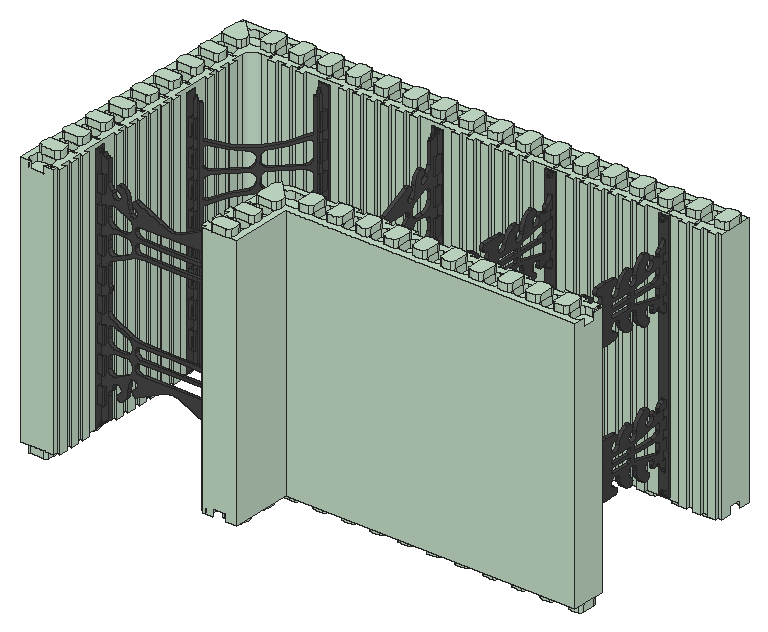
Revit family (continued)
Definition of nested family "NUDURA Logo Diamond"
  Lines and regions (mm)
    model lines
      curve 203: arc (296.768, 0, 245.246) -> (298.145, 0, 248.178) -> (301.281, 0, 248.991) r 3.81
      curve 204: arc (296.768, 0, 237.71) -> (298.44, 0, 232.946) -> (302.723, 0, 230.274) r 7.62
      curve 205: arc (300.842, 0, 208.826) -> (297.87, 0, 211.5) -> (296.768, 0, 215.343) r 7.251
      curve 206: arc (296.768, 0, 205.027) -> (297.979, 0, 207.812) -> (300.842, 0, 208.826) r 3.808
      curve 207: arc (296.768, 0, 197.49) -> (298.44, 0, 192.727) -> (302.723, 0, 190.055) r 7.62
      curve 208: arc (300.341, 0, 198.747) -> (300.898, 0, 197.159) -> (302.326, 0, 196.268) r 2.54
      curve 209: arc (300.341, 0, 201.381) -> (300.817, 0, 202.372) -> (301.888, 0, 202.62) r 1.27
      curve 210: arc (307.868, 0, 175.363) -> (306.969, 0, 175.735) -> (306.598, 0, 176.633) r 1.27
      curve 211: arc (308.892, 0, 175.363) -> (309.79, 0, 175.735) -> (310.162, 0, 176.633) r 1.27
      curve 212: arc (304.058, 0, 177.654) -> (303.686, 0, 176.756) -> (302.788, 0, 176.384) r 1.27
      curve 213: arc (302.342, 0, 169.594) -> (303.976, 0, 170.198) -> (304.826, 0, 171.718) r 2.516
      curve 214: arc (304.826, 0, 171.718) -> (309.07, 0, 168.432) -> (312.702, 0, 172.383) r 3.966
      curve 215: arc (306.843, 0, 207.728) -> (310.942, 0, 209.02) -> (312.702, 0, 212.942) r 5.249
      curve 216: arc (300.341, 0, 217.291) -> (304.739, 0, 212.893) -> (309.138, 0, 217.291) r 4.398
      curve 217: arc (300.341, 0, 238.966) -> (300.898, 0, 237.378) -> (302.326, 0, 236.488) r 2.54
      curve 218: arc (300.341, 0, 241.6) -> (300.886, 0, 242.648) -> (302.057, 0, 242.802) r 1.279
      curve 219: arc (285.685, 0, 308.065) -> (288.475, 0, 314.8) -> (295.21, 0, 317.59) r 9.525
      curve 220: arc (314.26, 0, 317.59) -> (320.995, 0, 314.8) -> (323.785, 0, 308.065) r 9.525
      curve 221: arc (285.685, 0, 149.315) -> (288.475, 0, 142.58) -> (295.21, 0, 139.79) r 9.525
      curve 222: arc (314.26, 0, 139.79) -> (320.995, 0, 142.58) -> (323.785, 0, 149.315) r 9.525
      curve 223: line (253.935, 0, 457.2) -> (253.935, 0, 0)
      curve 224: line (355.535, 0, 457.2) -> (355.535, 0, 0)
      curve 225: line (406.335, 0, 457.2) -> (406.335, 0, 0)
